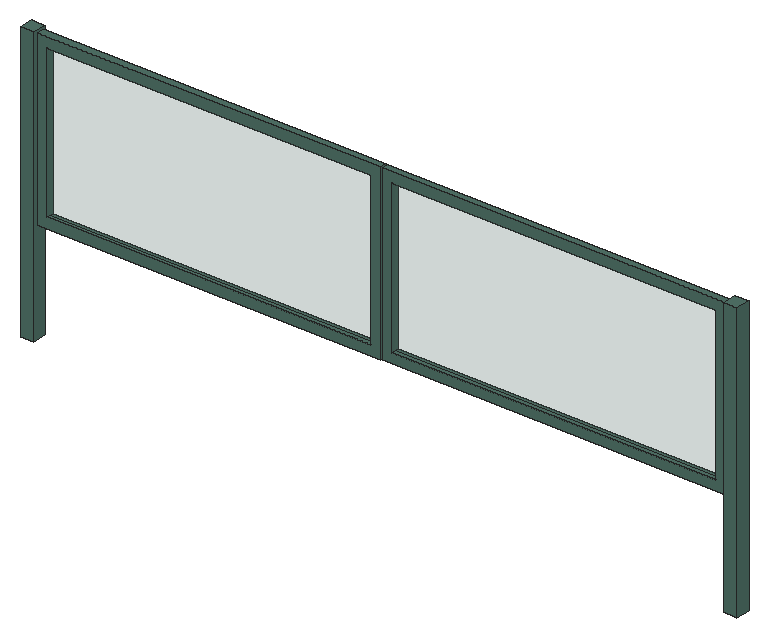
Revit family "Ворота распашные_PROM_UM_BARS", category Специальное оборудование, Revit 2019
Family settings
  Размер круглого соединителя = Использовать диаметр
  Тип детали = Нормальный
  На основе рабочей плоскости = Нет
  Всегда вертикально = Да
  При загрузке вырезать с полостями = Нет
  Общий = Нет
  Точка расчета площади = Нет
Parameters (values of type "PROM-UM_Бетонирование в кондукторе")
  Ширина рамки = 60 mm
  Ширина открывания [instance] = Ширина / 2  # 2000 mm
  Ширина [instance] = 4000 mm
  Таблица = "UM_BARS"  # constant formula
  Фланец под винтовую опору (SITgs) = no
  Фланец (SIT) = no
  Тип крепления = if([Бетонирование в кондукторе (SIC)], 1, if([Бетонирование столбы (SI)], 2, if([Фланец (SIT)], 3, if([Фланец под винтовую опору (SITgs)], 4, 0))))  # 1
  Сечение столба = 80 mm
  Материал_Столбы = FENSYS_Столб
  Материал_Сетка = FENSYS_Рейка
  Изготовитель = "FENSYS"  # constant formula
  Высота [instance] = 1100 mm
  Бетонирование столбы (SI) = no
  Бетонирование в кондукторе (SIC) = yes
  Глубина столба = if(or([Бетонирование в кондукторе (SIC)], [Бетонирование столбы (SI)]), 500 mm, 0 mm)  # 500 mm
  URL = "https://www.fensys.ru/produkciya/vorota_1.html"
  ADSK_Размер_Ширина [instance] = Ширина  # 4000 mm
  ADSK_Размер_Высота [instance] = Высота  # 1100 mm
  ADSK_Обозначение = "UM/SIC/BARS"
  ADSK_Наименование [instance] = size_lookup(Таблица, "", "Не найдено", ADSK_Размер_Высота, ADSK_Размер_Ширина, Тип крепления)  # "Ворота распашные серии PROM-UM: HxW 1100x4000 (оси столбов 4100, профиль 100х100х4 мм), заполнение BARS, столбы с регулируемыми петлями, на фланцах под усиленное бетонирование на армокаркасах"
  ADSK_Масса [instance] = size_lookup(Таблица, "ADSK_Масса", 0, ADSK_Размер_Высота, ADSK_Размер_Ширина, Тип крепления)  # 187
  ADSK_Комплект = "Ворота распашные"  # constant formula
  ADSK_Код изделия [instance] = size_lookup(Таблица, "ADSK_Код изделия", "Не найдено", ADSK_Размер_Высота, ADSK_Размер_Ширина, Тип крепления)  # "47140U"
  ADSK_Завод-изготовитель = Изготовитель  # "FENSYS"
  ADSK_Единица измерения = "шт."  # constant formula
Types (5, lengths in mm): name | Фланец под винтовую опору (SITgs) | Фланец (SIT) | Тип крепления | Бетонирование столбы (SI) | Бетонирование в кондукторе (SIC) | Глубина столба | ADSK_Обозначение | ADSK_Наименование | ADSK_Масса | ADSK_Код изделия
  (no name) | no | no | 1 | no | yes | 500 | "UM/SIC/BARS" | "Ворота распашные серии PROM-UM: HxW 1100x4000 (оси столбов 4100, профиль 100х100х4 мм), заполнение BARS, столбы с регулируемыми петлями, на фланцах под усиленное бетонирование на армокаркасах" | 187 | "47140U"
  PROM-UM_Под бетонирование | no | no | 2 | yes | no | 500 | "UM/SI/BARS" | "Ворота распашные серии PROM-UM: HxW 1100x4000 (оси столбов 4100, профиль 100х100х4 мм), заполнение BARS, столбы с регулируемыми петлями, под бетонирование" | 128 | "47100U"
  PROM-UM_Фланец | no | yes | 3 | no | no | 0 | "UM/SIT/BARS" | "Ворота распашные серии PROM-UM: HxW 1100x4000 (оси столбов 4100, профиль 100х100х4 мм), заполнение BARS, столбы с регулируемыми петлями, на фланцах под анкерное крепление на бетон" | 125 | "47120U"
  PROM-UM_Фланец под винтовую опору | yes | no | 4 | no | no | 0 | "UM/SITgs/BARS" | "Ворота распашные серии PROM-UM: HxW 1100x4000 (оси столбов 4100, профиль 100х100х4 мм), заполнение BARS, столбы с регулируемыми петлями, под крепление на винтовых опорах" | 92 | "47180U"
  PROM-UM_Бетонирование в кондукторе | no | no | 1 | no | yes | 500 | "UM/SIC/BARS" | "Ворота распашные серии PROM-UM: HxW 1100x4000 (оси столбов 4100, профиль 100х100х4 мм), заполнение BARS, столбы с регулируемыми петлями, на фланцах под усиленное бетонирование на армокаркасах" | 187 | "47140U"
Reference planes
  plane 1 "По центру (Вперед/Назад)": y = 0
  plane 2: z = 0
  plane 3 "По центру (Влево/Вправо)": x = 0
  plane 4: x = 4160
  plane 5: y = 40
  plane 6: y = -40
  plane 7: x = 80
  plane 8: x = 4080
  plane 9: z = 1100
  plane 10: z = 100
  plane 11: z = -500
  plane 12: y = 20
  plane 13: y = -20
  plane 14: y = 2
  plane 15: y = -2
  plane 16: z = 1040
  plane 17: z = 1110
  plane 18: y = 2
  plane 19: y = -2
  plane 20: x = 2080
Forms (mm)
  Extrusion 1, solid, material "FENSYS_Столб" <- "Материал_Столбы"
    sketch origin (0, 0, 0) x (1, 0, 0) y (0, 1, 0)
      loop
        line (0, 40) -> (0, -40) -> (80, -40) -> (80, 40) -> (0, 40)
      loop
        line (4080, 40) -> (4080, -40) -> (4160, -40) -> (4160, 40) -> (4080, 40)
    from -500 to 1110
  Extrusion 2, solid, material "FENSYS_Рейка" <- "Материал_Сетка"
    sketch origin (0, 0, 0) x (1, 0, 0) y (0, 1, 0)
      loop
        line (140, 2) -> (140, -2) -> (2020, -2) -> (2020, 2) -> (140, 2)
    from 160 to 1040
  Extrusion 3, solid, material "FENSYS_Столб" <- "Материал_Столбы"
    sketch origin (0, 0, 0) x (1, 0, 0) y (0, 0, 1)
      loop
        line (80, 1100) -> (80, 100) -> (2075, 100) -> (2075, 1100) -> (80, 1100)
      loop
        line (4080, 100) -> (4080, 1100) -> (2085, 1100) -> (2085, 100) -> (4080, 100)
      loop
        line (140, 160) -> (2020, 160) -> (2020, 1040) -> (140, 1040) -> (140, 160)
      loop
        line (4020, 160) -> (4020, 1040) -> (2140, 1040) -> (2140, 160) -> (4020, 160)
    from -20 to 20
  Extrusion 4, solid, material "FENSYS_Рейка" <- "Материал_Сетка"
    sketch origin (1010, 0, 0) x (1, 0, 0) y (0, 1, 0)
      loop
        line (1130, 2) -> (1130, -2) -> (3010, -2) -> (3010, 2) -> (1130, 2)
    from 160 to 1040
Lines and regions (mm)
  Masking region 1, detail levels coarse
    outline origin (0, 0, 0) x (1, 0, 0) y (0, 1, 0)
      loop
        line (80, 20) -> (80, -20) -> (4080, -20) -> (4080, 20) -> (80, 20)
Dimensions and locks
  equal spacing: plane 6, plane 1 "По центру (Вперед/Назад)", plane 5
  "Сечение столба": plane 3 "По центру (Влево/Вправо)" to plane 7
  "Сечение столба": plane 8 to plane 4
  "ADSK_Размер_Высота": plane 9 to plane 2
  "Глубина столба": plane 2 to plane 11
  plane 10 to plane 2 = 100 mm
  plane 5 to plane 1 "По центру (Вперед/Назад)" = 40 mm
  equal spacing: plane 13, plane 1 "По центру (Вперед/Назад)", plane 12
  plane 1 "По центру (Вперед/Назад)" to plane 12 = 20 mm
  equal spacing: plane 15, plane 1 "По центру (Вперед/Назад)", plane 14
  locked: plane 1 "По центру (Вперед/Назад)" to plane 14 at 2
  "Ширина рамки": plane 9 to plane 16
  "ADSK_Размер_Ширина": plane 7 to plane 8
  locked: plane 17 to plane 9 at 10
  plane 19 to plane 18 = 4 mm
  Extrusion 1 to Extrusion 1 = 4160 mm
  "Сечение столба": plane 5 to plane 6
  equal spacing: plane 8, plane 20, plane 7
  aligned and locked: level to plane 2
  aligned and locked: Extrusion 1 sketch curve to plane 5
  aligned and locked: plane 5 to Extrusion 1 sketch curve
  aligned and locked: plane 6 to Extrusion 1 sketch curve
  aligned and locked: Extrusion 1 sketch curve to plane 6
  aligned and locked: Extrusion 1 sketch curve to plane 4
  aligned and locked: plane 8 to Extrusion 1 sketch curve
  aligned and locked: Extrusion 1 sketch curve to plane 7
  aligned and locked: plane 3 "По центру (Влево/Вправо)" to Extrusion 1 sketch curve
  aligned and locked: Extrusion 1 to plane 11
  aligned and locked: Extrusion 2 sketch curve to plane 14
  aligned and locked: Extrusion 2 sketch curve to plane 15
  aligned and locked: plane 16 to Extrusion 2
  aligned and locked: plane 8 to nested 1
  aligned and locked: nested 1 to plane 1 "По центру (Вперед/Назад)"
  aligned and locked: plane 1 "По центру (Вперед/Назад)" to nested 2
  aligned and locked: plane 7 to nested 2
  aligned and locked: Masking region 1 sketch curve to plane 12
  aligned and locked: Masking region 1 sketch curve to plane 13
  aligned and locked: plane 7 to Masking region 1 sketch curve
  aligned and locked: Masking region 1 sketch curve to plane 8
  aligned and locked: Extrusion 1 to plane 17
  aligned and locked: Extrusion 3 to plane 13
  aligned and locked: Extrusion 3 to plane 12
  aligned and locked: Extrusion 2 to Extrusion 3  (x2)
  aligned and locked: Extrusion 3 to plane 16  (x2)
  aligned and locked: Extrusion 3 to Extrusion 2
  aligned and locked: plane 18 to Extrusion 4 sketch curve
  aligned and locked: Extrusion 4 sketch curve to plane 19
  aligned and locked: Extrusion 4 to Extrusion 3  (x4)
  aligned and locked: Extrusion 1 to plane 5
  aligned and locked: plane 6 to Extrusion 1
Automatic sketch dimensions
  plane 7 to Extrusion 2 sketch curve = 60 mm
  Extrusion 2 sketch curve to Extrusion 2 sketch curve = 1880 mm
  plane 7 to Extrusion 4 sketch curve = 2060 mm
  Extrusion 4 sketch curve to plane 8 = 60 mm
  Extrusion 3 sketch curve to plane 7 = 0 mm
  Extrusion 3 sketch curve to plane 16 = 0 mm  (x2)
  Extrusion 3 sketch curve to plane 10 = 0 mm  (x3)
  Extrusion 3 sketch curve to plane 9 = 0 mm  (x2)
  Extrusion 3 sketch curve to plane 8 = 0 mm
  plane 7 to Extrusion 3 sketch curve = 60 mm
  Extrusion 3 sketch curve to plane 20 = 5 mm
  Extrusion 3 sketch curve to plane 8 = 60 mm
  plane 10 to Extrusion 3 sketch curve = 60 mm  (x2)
  plane 20 to Extrusion 3 sketch curve = 5 mm
  plane 20 to Extrusion 3 sketch curve = 60 mm
  Extrusion 3 sketch curve to plane 20 = 60 mm
Nested families
  nested 1: "Открываение_Обозначение" at (4080, 0, 0) x (-1, 0, 0) z (0, 0, 1), Ширина <- "Ширина открывания", type "Открываение_Обозначение", detail levels coarse
    with Ширина 2000 mm
  nested 2: "Открываение_Обозначение" at (80, 0, 0), Ширина <- "Ширина открывания", type "Открываение_Обозначение", detail levels coarse
    with Ширина 2000 mm
Definition of nested family "Открываение_Обозначение"
  Parameters (values of type "Открываение_Обозначение")
    Ширина [instance] = 900 mm
  Reference planes
    plane 1 "По центру (Вперед/Назад)": y = 0
    plane 2: z = 0
    plane 3 "По центру (Влево/Вправо)": x = 0
    plane 4: x = 900
  Lines and regions (mm)
    detail lines, in view "Опорный уровень"
      curve 1: line (0, 0, 0) -> (779.423, 450, 0)
  Dimensions and locks
    "Ширина": plane 3 "По центру (Влево/Вправо)" to plane 4
    "Ширина": curve 1 to curve 1
    locked: plane 1 "По центру (Вперед/Назад)" to curve 1 (angle 30.00°)
    aligned and locked: plane 3 "По центру (Влево/Вправо)" to curve 1
    aligned and locked: plane 1 "По центру (Вперед/Назад)" to curve 1
